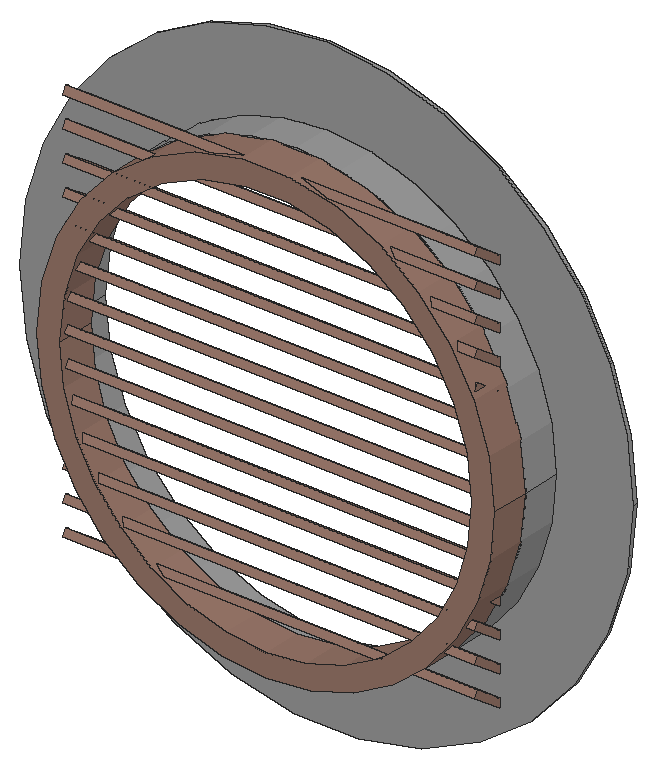
Revit family "Porthole with brick reveal", category Windows, host Wall, Revit 2014
Parameters
  Soldier course = Arched Soldier Course
  Radius = Width / 2  # 600 mm
  Louvre Dia = Width - Frame Width * 2  # 1080 mm
  Louvre = Door - Frame
  Height = Width  # 1200 mm
  Frame Width = 60 mm
  Frame Depth = 100 mm
  Default Sill Height = 800 mm
  Wall Closure = By host
  Width = 1200 mm
  Brick reveal depth = 100 mm
  Blade Spacing = 80 mm
  Blade Depth = 100 mm
  Blade Angle = 35.00°
Reference planes
  plane 1 "Center (Front/Back)": y = 0
  plane 2 "Center (Left/Right)": x = 0
  plane 3 "Left": x = -600
  plane 4 "Right": x = 600
  plane 5 "Sill": z = 800
  plane 6 "Head": z = 2000
  plane 7 "Exterior": y = 150
  plane 8 "Interior": y = -150
  plane 9: z = 1400
  plane 10 "Brick reveal depth": y = 50
  plane 11 "Inside face of frame": y = -50
  plane 12 "Frame Width": x = -540
  plane 13: z = 860
  plane 14: z = 1940
  plane 15 "Louvre face": y = 40
Forms (mm)
  Sweep 1, solid, material "Arched Soldier Course" <- "Soldier course"
    path origin (0, 150, 0) x (1, 0, 0) y (0, 0, 1)
      loop
        circle (0, 1400) r 600
    profile origin (0, 150, 2000) x (0, 0, 1) y (0, -1, 0)
      loop
        line (205, 0) -> (0, 0) -> (0, 100) -> (-10, 100) -> (-10, -10) -> (205, -8.125) -> (205, 0)
  Sweep 2, solid, material "Door - Frame" <- "Louvre"
    path origin (0, 50, 0) x (-1, 0, 0) y (0, 0, 1)
      loop
        circle (0, 1400) r 600
    profile origin (-600, 50, 1400) x (1, 0, 0) y (0, 1, 0)
      loop
        line (0, 0) -> (0, -100) -> (60, -100) -> (60, 0) -> (0, 0)
Lines and regions (mm)
  Opening 1
    outline origin (-5000, -150, 0) x (1, 0, 0) y (0, 0, 1)
      loop
        circle (5000, 1400) r 600
Text (mm)
  text "EXTERIOR" at (-1963.203, 1332.353, 0), in view "Ref. Level"
  text "INTERIOR" at (-1981.466, -818.386, 0), in view "Ref. Level"
  text "Exterior" at (0, 923.751, 2943.296), in view "Right"
  text "Exterior" at (0, 1040.484, 2685.409), in view "Left"
Dimensions and locks
  equal spacing: plane 3 "Left", plane 2 "Center (Left/Right)", plane 4 "Right"
  "Width": plane 3 "Left" to plane 4 "Right"
  "Height": plane 5 "Sill" to plane 6 "Head"
  "Default Sill Height": plane 5 "Sill" to level
  locked: plane 7 "Exterior" to host wall at 0
  locked: plane 8 "Interior" to host wall
  equal spacing: plane 5 "Sill", plane 9, plane 6 "Head"
  "Brick reveal depth": plane 10 "Brick reveal depth" to plane 7 "Exterior"
  locked: Sweep 1 sketch curve to plane 6 "Head" at 10
  locked: Sweep 1 sketch curve to plane 7 "Exterior" at 8.125
  "Frame Depth": plane 10 "Brick reveal depth" to plane 11 "Inside face of frame"
  "Frame Width": plane 3 "Left" to plane 12 "Frame Width"
  "Frame Width": plane 13 to plane 5 "Sill"
  "Frame Width": plane 6 "Head" to plane 14
  locked: plane 10 "Brick reveal depth" to plane 15 "Louvre face" at 10
  "Radius": radius of Opening 1 sketch curve
  aligned and locked: plane 2 "Center (Left/Right)" to Opening 1 sketch curve
  aligned and locked: plane 9 to Opening 1 sketch curve
  aligned and locked: Sweep 1 sketch curve to host wall  (x2)
  aligned and locked: Sweep 1 sketch curve to plane 7 "Exterior"
  aligned and locked: plane 10 "Brick reveal depth" to Sweep 1 sketch curve
  aligned and locked: plane 6 "Head" to Sweep 1 sketch curve
  aligned and locked: Sweep 2 sketch curve to Sweep 1  (x2)
  aligned and locked: Sweep 2 sketch curve to plane 10 "Brick reveal depth"
  aligned and locked: Sweep 2 sketch curve to plane 11 "Inside face of frame"
  aligned and locked: Sweep 2 sketch curve to plane 12 "Frame Width"
  aligned and locked: plane 13 to nested 1
Automatic sketch dimensions
  Sweep 1 sketch curve to profile plane = 205 mm
  Sweep 1 sketch curve to plane 7 "Exterior" = 10 mm
  Sweep 2 sketch curve to profile plane = 0 mm
Nested families
  nested 1: "Louvre Window" at (0, 40, 860), type "Louvre Window"
Definition of nested family "Louvre Window"
  Parameters (values of type "Louvre Window")
    Radius = 1080 mm
    Louvre = none
    First blade offset = 20 mm
    Blade Spacing = 80 mm
    Blade Depth = 100 mm
    Blade Angle = 35.00°
    Array = # - 1  # 13
    # = Radius / Blade Spacing  # 14
  Reference planes
    plane 1 "Center (Front/Back)": y = 0
    plane 2: z = 0
    plane 3 "Center (Left/Right)": x = 0
    plane 4: z = 1080
    plane 5: x = -540
    plane 6: x = 540
    plane 7: z = 540
    plane 8 "Blade spacing": z = 20
    plane 9: z = 100
    plane 10: z = 180
    plane 11: y = 100
  Dimensions and locks
    equal spacing: plane 4, plane 7, level
    equal spacing: plane 6, plane 3 "Center (Left/Right)", plane 5
    "Radius": plane 4 to level
    "Radius": plane 6 to plane 5
    "First blade offset": plane 8 "Blade spacing" to level
    "Blade Spacing": plane 9 to plane 8 "Blade spacing"
    "Blade Spacing": plane 10 to plane 9
    equal spacing: group 1, group 2, group 3, group 4, group 5, group 6, group 7, group 8, group 9, group 10, group 11, group 12, group 13  (x3)
    "Blade Depth": plane 11 to plane 1 "Center (Front/Back)"
    aligned and locked: level to plane 2
    aligned and locked: plane 3 "Center (Left/Right)" to nested 1
    aligned and locked: plane 8 "Blade spacing" to nested 1
    aligned and locked: plane 1 "Center (Front/Back)" to nested 2
    aligned and locked: plane 9 to nested 2
    aligned and locked: plane 10 to nested 3
    aligned and locked: plane 1 "Center (Front/Back)" to nested 3
  Nested families
    nested 1: "Louvre Blade" at (0, 0, 20), type "Louvre Blade"
      with Blade Width 1080 mm, Blade Angle 35.00°
    nested 2: "Louvre Blade" at (0, 0, 100), type "Louvre Blade"
      with Blade Width 1080 mm, Blade Angle 35.00°
    nested 3: "Louvre Blade" at (0, 0, 180), type "Louvre Blade"
      with Blade Width 1080 mm, Blade Angle 35.00°
    nested 4: "Louvre Blade" at (0, 0, 260), type "Louvre Blade"
      with Blade Width 1080 mm, Blade Angle 35.00°
    nested 5: "Louvre Blade" at (0, 0, 340), type "Louvre Blade"
      with Blade Width 1080 mm, Blade Angle 35.00°
    nested 6: "Louvre Blade" at (0, 0, 420), type "Louvre Blade"
      with Blade Width 1080 mm, Blade Angle 35.00°
    nested 7: "Louvre Blade" at (0, 0, 500), type "Louvre Blade"
      with Blade Width 1080 mm, Blade Angle 35.00°
    nested 8: "Louvre Blade" at (0, 0, 580), type "Louvre Blade"
      with Blade Width 1080 mm, Blade Angle 35.00°
    nested 9: "Louvre Blade" at (0, 0, 660), type "Louvre Blade"
      with Blade Width 1080 mm, Blade Angle 35.00°
    nested 10: "Louvre Blade" at (0, 0, 740), type "Louvre Blade"
      with Blade Width 1080 mm, Blade Angle 35.00°
    nested 11: "Louvre Blade" at (0, 0, 820), type "Louvre Blade"
      with Blade Width 1080 mm, Blade Angle 35.00°
    nested 12: "Louvre Blade" at (0, 0, 900), type "Louvre Blade"
      with Blade Width 1080 mm, Blade Angle 35.00°
    nested 13: "Louvre Blade" at (0, 0, 980), type "Louvre Blade"
      with Blade Width 1080 mm, Blade Angle 35.00°
    nested 14: "Louvre Blade" at (0, 0, 1060), type "Louvre Blade"
      with Blade Width 1080 mm, Blade Angle 35.00°
  Definition of nested family "Louvre Blade"
    Parameters (values of type "Louvre Blade")
      Blade Width = 800 mm
      Blade Thickness = 20 mm
      Blade Depth = 100 mm
      Blade Angle = 30.00°
      Blade = none
    Reference planes
      plane 1 "Center (Front/Back)": y = 0
      plane 2: z = 0
      plane 3 "Center (Left/Right)": x = 0
      plane 4: x = -400
      plane 5: x = 400
    Forms (mm)
      Extrusion 1, solid, material <- "Blade"
        sketch origin (0, 0, 0) x (0, 1, 0) y (0, 0, 1)
          loop
            line (0, 0) -> (86.603, 50) -> (76.603, 67.321) -> (0, 23.094) -> (0, 0)
        from -400 to 400
    Lines and regions (mm)
      reference lines
        curve 1: line (0, 0, 0) -> (0, 762.102, 440)
        curve 2: line (0, 0, 0) -> (0, -170, 294.449)
        curve 3: line (0, 3.205, 194.449) -> (0, 86.603, 50)
        curve 4: line (0, -10, 17.321) -> (0, 345.309, 222.458)
    Dimensions and locks
      equal spacing: plane 5, plane 3 "Center (Left/Right)", plane 4
      "Blade Width": plane 5 to plane 4
      "Blade Depth": curve 3 to curve 2
      "Blade Thickness": curve 1 to curve 4
      "Blade Angle": angle level to curve 1
      aligned and locked: level to plane 2
      aligned and locked: Extrusion 1 sketch curve to plane 1 "Center (Front/Back)"
      aligned and locked: curve 4 to Extrusion 1 sketch curve
      aligned and locked: curve 3 to Extrusion 1 sketch curve
      aligned and locked: Extrusion 1 sketch curve to curve 1
      aligned and locked: Extrusion 1 to plane 4
      aligned and locked: plane 5 to Extrusion 1
    Automatic sketch dimensions
      curve 2 to level = 0 mm
      curve 2 to plane 1 "Center (Front/Back)" = 0 mm
      plane 1 "Center (Front/Back)" to curve 2 = 170 mm
      curve 3 to plane 1 "Center (Front/Back)" = 3.205 mm
      level to curve 4 = 222.458 mm
